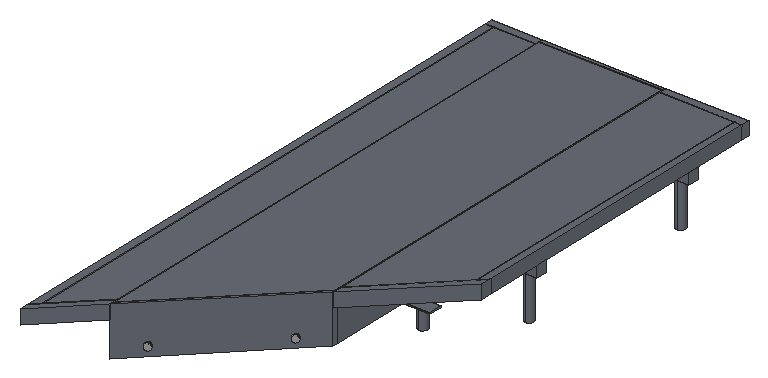
Revit family
Parameters (values of type "PL07 08 5/3")
  Width Right Side = 133 mm
  Width Left Side = 85 mm
  Width Inner Right Side = Actual Width Right - Frame Offset  # 120 mm
  Width Inner Main = Actual Width + 37 mm * 2  # 253 mm
  Width Inner Left Side = Actual Width Left - Frame Offset  # 72 mm
  Width = 179 mm
  URL = "http://www.meinertz.com/pictures_org/prodk.pdf"
  Total Width = Actual Width + Actual Width Left + Actual Width Right  # 397 mm
  Total Length = Actual Length + Total Width  # 897 mm
  Thermal Performance Index = 8
  Thermal Performance Constant = if(Thermal Performance Index = 3, 145, if(Thermal Performance Index = 4, 191, if(Thermal Performance Index = 5, 231, if(Thermal Performance Index = 6, 262, if(Thermal Performance Index = 7, 287, if(Thermal Performance Index = 8, 317, if(Thermal Performance Index = 9, 339, if(Thermal Performance Index = 10, 359, if(Thermal Performance Index = 11, 382, if(Thermal Performance Index = 12, 404, if(Thermal Performance Index = 13, 424, 444)))))))))))  # 317
  Thermal Performance = Thermal Performance Constant * Total Length / 1000 mm  # 284.349
  Tapping Radius = 9.5 mm / 2  # 4.75 mm
  Side Support Distance = (Actual Length - (2 * Frame Offset) - 200 mm) / (Count Side Support - 1)  # 274 mm
  Side Grill Length = Actual Length - (2 * Frame Offset) - 22 mm  # 452 mm
  Model = "PL07 08 5/3"
  Manufacturer = "Meinertz"  # constant formula
  Length = 500 mm
  Left Support Distance = ((Actual Length + Total Width) - 39 mm - Width Inner Left Side - 8 mm - Frame Offset - 200 mm) / (Count Left Support - 1)  # 282.5 mm
  Keynote = "PL07 08 5/3"
  Grill = RAL 7024 G
  GoGetNo = 7018  # constant formula
  Frame Offset = 13 mm  # constant formula
  Frame = RAL 7024
  Count Side Support = (Actual Length - (2 * Frame Offset) - 200 mm) / 600 mm + 1.49  # 2
  Count Left Support = (Total Length - 200 mm) / 600 mm + 1.49  # 3
  Count Grill Right Side = ((Width Right Side - Frame Offset) / 24 mm)  # 5
  Count Grill Main = ((Width - 11 mm) / 24 mm) + 1  # 8
  Count Grill Left Side = ((Width Left Side - Frame Offset) / 24 mm)  # 3
  Count Convec Support = (Actual Length - (2 * Frame Offset) - 300 mm) / 2500 mm + 1.49  # 2
  Convection Grill Length = Actual Length - (2 * Frame Offset) - 11 mm  # 463 mm
  Big = yes
  Actual Width Right = Count Grill Right Side * 24 mm + Frame Offset  # 133 mm
  Actual Width Left = Count Grill Left Side * 24 mm + Frame Offset  # 85 mm
  Actual Width = (Count Grill Main - 1) * 24 mm + 11 mm  # 179 mm
  Actual Length = if(Length < 4 * Frame Offset, 4 * Frame Offset, if(Length > 6000 mm, 6000 mm, Length))  # 500 mm
Types (8, lengths in mm): name | Width Right Side | Width Left Side | Width Inner Right Side | Width Inner Main | Width Inner Left Side | Width | Total Width | Total Length | Thermal Performance Index | Thermal Performance Constant | Thermal Performance | Model | Left Support Distance | Keynote | Count Grill Right Side | Count Grill Main | Count Grill Left Side | Actual Width Right | Actual Width Left | Actual Width
  (no name) | 133 | 85 | 120 | 253 | 72 | 179 | 397 | 897 | 8 | 317 | 284.349 | "PL07 08 5/3" | 282.5 | "PL07 08 5/3" | 5 | 8 | 3 | 133 | 85 | 179
  PL07 08 5/3 | 133 | 85 | 120 | 253 | 72 | 179 | 397 | 897 | 8 | 317 | 284.349 | "PL07 08 5/3" | 282.5 | "PL07 08 5/3" | 5 | 8 | 3 | 133 | 85 | 179
  PL07 09 5/4 | 133 | 109 | 120 | 277 | 96 | 203 | 445 | 945 | 9 | 339 | 320.355 | "PL07 09 5/4" | 294.5 | "PL07 09 5/4" | 5 | 9 | 4 | 133 | 109 | 203
  PL07 10 5/5 | 133 | 133 | 120 | 301 | 120 | 227 | 493 | 993 | 10 | 359 | 356.487 | "PL07 10 5/5" | 306.5 | "PL07 10 5/5" | 5 | 10 | 5 | 133 | 133 | 227
  PL07 11 6/5 | 157 | 133 | 144 | 325 | 120 | 251 | 541 | 1041 | 11 | 382 | 397.662 | "PL07 11 6/5" | 330.5 | "PL07 11 6/5" | 6 | 11 | 5 | 157 | 133 | 251
  PL07 12 6/6 | 157 | 157 | 144 | 349 | 144 | 275 | 589 | 1089 | 12 | 404 | 439.956 | "PL07 12 6/6" | 342.5 | "PL07 12 6/6" | 6 | 12 | 6 | 157 | 157 | 275
  PL07 13 7/6 | 181 | 157 | 168 | 373 | 144 | 299 | 637 | 1137 | 13 | 424 | 482.088 | "PL07 13 7/6" | 366.5 | "PL07 13 7/6" | 7 | 13 | 6 | 181 | 157 | 299
  PL07 14 7/7 | 181 | 181 | 168 | 397 | 168 | 323 | 685 | 1185 | 14 | 444 | 526.14 | "PL07 14 7/7" | 378.5 | "PL07 14 7/7" | 7 | 14 | 7 | 181 | 181 | 323
Reference planes
  plane 1 "Center (Front/Back)": y = 0
  plane 2: z = 0
  plane 3 "Center (Left/Right)": x = 0
  plane 4: x = -89.5
  plane 5: x = 89.5
  plane 6: y = 250
  plane 7: y = -250
  plane 8: x = 222.5
  plane 9: x = -174.5
  plane 10: x = 209.5
  plane 11: x = -161.5
  plane 12: x = 198.5
  plane 13: x = -150.5
  plane 14: y = 237
  plane 15: y = 231.5
  plane 16: y = 226
  plane 17: y = 137
  plane 18: y = 87
  plane 19: y = -237
  plane 20: y = -226
  plane 21: y = -137
  plane 22: y = -87
  plane 23: y = -647
  plane 24: y = -608
  plane 25: y = -600
  plane 26: y = -536
  plane 27: y = -528.2
  plane 28: y = -349.2
  plane 29: y = -357
  plane 30: z = -20
  plane 31: z = -70
  plane 32: y = -145.5
  plane 33: y = -428.2
  plane 34: x = -59.5
  plane 35: x = 59.5
  plane 36: z = -100
  plane 37: z = -55
  plane 38: y = -286
  plane 39: y = -186
  plane 40: y = -13
  plane 41: y = -113
  plane 42: y = -107
  plane 43: y = -13
Forms (mm)
  Extrusion 1, solid, material "RAL 7024 G" <- "Grill"
    sketch origin (0, 0, 0) x (1, 0, 0) y (0, 1, 0)
      loop
        line (-89.5, 231.5) -> (-89.5, -536) -> (89.5, -357) -> (89.5, 231.5) -> (-89.5, 231.5)
    from 0 to -70
  Extrusion 2, solid, material "RAL 7024 G" <- "Grill"
    sketch origin (0, 0, 0) x (1, 0, 0) y (0, 1, 0)
      loop
        line (89.5, 226) -> (89.5, -349.222) -> (198.5, -240.222) -> (198.5, 226) -> (89.5, 226)
      loop
        line (-89.5, 226) -> (-150.5, 226) -> (-150.5, -589.222) -> (-89.5, -528.222) -> (-89.5, 226)
    from 0 to -20
  Extrusion 3, solid, material "RAL 7024" <- "Frame"
    sketch origin (0, 0, 0) x (1, 0, 0) y (0, 1, 0)
      loop
        line (-89.5, -528.222) -> (-161.5, -600.222) -> (-161.5, -615.778) -> (-89.5, -543.778) -> (-89.5, -528.222)
      loop
        line (89.5, -364.778) -> (209.5, -244.778) -> (209.5, -229.222) -> (89.5, -349.222) -> (89.5, -364.778)
    from 0 to -20
  Extrusion 4, solid, material "RAL 7024" <- "Frame"
    sketch origin (0, 0, 0) x (1, 0, 0) y (0, 1, 0)
      loop
        line (-161.5, 226) -> (-89.5, 226) -> (-89.5, 237) -> (-161.5, 237) -> (-161.5, 226)
      loop
        line (89.5, 237) -> (89.5, 226) -> (209.5, 226) -> (209.5, 237) -> (89.5, 237)
    from 0 to -20
  Extrusion 5, solid, material "RAL 7024" <- "Frame"
    sketch origin (0, 0, 0) x (1, 0, 0) y (0, 1, 0)
      loop
        line (198.5, 226) -> (198.5, -240.222) -> (209.5, -229.222) -> (209.5, 226) -> (198.5, 226)
      loop
        line (-161.5, 226) -> (-161.5, -600.222) -> (-150.5, -589.222) -> (-150.5, 226) -> (-161.5, 226)
    from 0 to -20
  Extrusion 6, solid, material "RAL 7024" <- "Frame"
    sketch origin (0, 0, 0) x (1, 0, 0) y (0, 1, 0)
      loop
        line (-89.5, 237) -> (-89.5, 231.5) -> (89.5, 231.5) -> (89.5, 237) -> (-89.5, 237)
      loop
        line (-89.5, -536) -> (-89.5, -543.778) -> (89.5, -364.778) -> (89.5, -357) -> (-89.5, -536)
    from 0 to -70
  Extrusion 7, solid, material "Tap"
    sketch origin (-89.5, -543.778, 0) x (0.707107, 0.707107, 0) y (0, 0, 1)
      loop
        circle (42.355, -55) r 4.8
      loop
        circle (210.702, -55) r 4.8
    from 0 to 5
  Extrusion 8, solid, material "Tap"
    sketch origin (0, 0, 0) x (1, 0, 0) y (0, 0, 1)
      loop
        circle (59.5, -55) r 4.8
      loop
        circle (-59.5, -55) r 4.8
    from -237 to -242
  Extrusion 9, solid, material "Tap"
    sketch origin (0, 0, 0) x (0, 1, 0) y (0, 0, 1)
      loop
        circle (-286, -55) r 4.8
      loop
        circle (-186, -55) r 4.8
    from -89.5 to -94.5
  Extrusion 10, solid, material "Tap"
    sketch origin (0, 0, 0) x (0, 1, 0) y (0, 0, 1)
      loop
        circle (-13, -55) r 4.8
      loop
        circle (-113, -55) r 4.8
    from -89.5 to -94.5
  Extrusion 11, solid, material "Tap"
    sketch origin (0, 0, 0) x (0, 1, 0) y (0, 0, 1)
      loop
        circle (-107, -55) r 4.8
      loop
        circle (-13, -55) r 4.8
    from 89.5 to 94.5
Lines and regions (mm)
  Masking region 1
    outline origin (0, 0, 0) x (1, 0, 0) y (0, 1, 0)
      loop
        line (89.5, 226) -> (89.5, -349.222) -> (198.5, -240.222) -> (198.5, 226) -> (89.5, 226)
  Masking region 2
    outline origin (0, 0, 0) x (1, 0, 0) y (0, 1, 0)
      loop
        line (-150.5, 226) -> (-150.5, -589.222) -> (-89.5, -528.222) -> (-89.5, 226) -> (-150.5, 226)
  Masking region 3
    outline origin (0, 0, 0) x (1, 0, 0) y (0, 1, 0)
      loop
        line (-89.5, 231.5) -> (-89.5, -536) -> (89.5, -357) -> (89.5, 231.5) -> (-89.5, 231.5)
  reference lines
    curve 1: line (-225.14, -679.418, 0) -> (276.906, -177.372, 0)
    curve 2: line (-229.029, -675.529, 0) -> (273.017, -173.483, 0)
    curve 3: line (-232.918, -671.64, 0) -> (269.128, -169.594, 0)
    curve 4: line (-212.058, -692.499, 0) -> (289.988, -190.453, 0)
Dimensions and locks
  equal spacing: plane 4, plane 3 "Center (Left/Right)", plane 5
  equal spacing: plane 7, plane 1 "Center (Front/Back)", plane 6
  "Actual Width": plane 4 to plane 5
  "Actual Length": plane 7 to plane 6
  "Actual Width Right": plane 5 to plane 8
  "Actual Width Left": plane 9 to plane 4
  "Frame Offset": plane 10 to plane 8
  "Frame Offset": plane 9 to plane 11
  locked: plane 12 to plane 10 at 11
  locked: plane 11 to plane 13 at 11
  "Frame Offset": plane 14 to plane 6
  locked: plane 15 to plane 14 at 5.5
  locked: plane 16 to plane 15 at 5.5
  locked: plane 17 to plane 14 at 100
  locked: plane 18 to plane 17 at 50
  "Frame Offset": plane 7 to plane 19
  locked: plane 19 to plane 20 at 11
  locked: plane 19 to plane 21 at 100
  locked: plane 21 to plane 22 at 50
  "Total Width": plane 23 to plane 7
  locked: plane 23 to plane 24 at 39
  locked: plane 23 to plane 25 at 47
  "Width Inner Left Side": plane 24 to plane 26
  locked: plane 26 to plane 27 at 7.8
  "Actual Width": plane 27 to plane 28
  locked: plane 29 to plane 28 at 7.8
  locked: plane 21 to plane 32 at 8.5
  locked: plane 27 to plane 33 at 100
  equal spacing: group 1, group 2, group 3  (x2)
  equal spacing: group 3, group 2, group 1
  "Left Support Distance": nested 2 to nested 3
  group 4 to group 5 = 0 mm  (x2)
  group 5 to group 4 = 313 mm
  group 6 to group 7 = 0 mm  (x2)
  group 6 to group 7 = 274 mm
  "Side Support Distance": nested 7 to nested 1
  plane 34 to plane 4 = 30 mm
  plane 35 to plane 5 = 30 mm
  locked: plane 36 to level at 100
  locked: plane 36 to plane 37 at 45
  locked: plane 38 to plane 26 at 250
  locked: plane 39 to plane 38 at 100
  plane 14 to plane 40 = 250 mm
  plane 40 to plane 41 = 100 mm
  plane 29 to plane 42 = 250 mm
  plane 43 to plane 14 = 250 mm
  locked: Extrusion 8 to plane 14 at 5
  locked: Extrusion 10 to plane 4 at 5
  locked: plane 5 to Extrusion 11 at 5
  locked: Extrusion 9 to plane 4 at 5
  aligned and locked: level to plane 2
  aligned and locked: plane 15 to Extrusion 1 sketch curve
  aligned and locked: Extrusion 1 sketch curve to plane 5
  aligned and locked: plane 4 to Extrusion 1 sketch curve
  aligned and locked: Extrusion 1 sketch curve to curve 2
  aligned and locked: Extrusion 2 sketch curve to plane 16
  aligned and locked: plane 16 to Extrusion 2 sketch curve
  aligned and locked: Extrusion 2 sketch curve to plane 13
  aligned and locked: plane 4 to Extrusion 2 sketch curve
  aligned and locked: plane 5 to Extrusion 2 sketch curve
  aligned and locked: Extrusion 2 sketch curve to plane 12
  aligned and locked: Extrusion 2 sketch curve to curve 3
  aligned and locked: curve 3 to Extrusion 2 sketch curve
  aligned and locked: Extrusion 3 sketch curve to curve 1  (x2)
  aligned and locked: Extrusion 3 sketch curve to plane 10
  aligned and locked: curve 3 to Extrusion 3 sketch curve  (x2)
  aligned and locked: plane 5 to Extrusion 3 sketch curve
  aligned and locked: plane 11 to Extrusion 3 sketch curve
  aligned and locked: Extrusion 3 sketch curve to plane 4
  aligned and locked: Extrusion 4 sketch curve to plane 14  (x2)
  aligned and locked: Extrusion 4 sketch curve to plane 5
  aligned and locked: plane 10 to Extrusion 4 sketch curve
  aligned and locked: plane 16 to Extrusion 4 sketch curve  (x2)
  aligned and locked: Extrusion 4 sketch curve to plane 11
  aligned and locked: plane 4 to Extrusion 4 sketch curve
  aligned and locked: plane 16 to Extrusion 5 sketch curve  (x2)
  aligned and locked: plane 11 to Extrusion 5 sketch curve
  aligned and locked: Extrusion 5 sketch curve to plane 13
  aligned and locked: Extrusion 5 sketch curve to plane 10
  aligned and locked: plane 12 to Extrusion 5 sketch curve
  aligned and locked: Extrusion 5 sketch curve to curve 3  (x2)
  aligned and locked: nested 1 to plane 10
  aligned and locked: nested 1 to plane 30
  aligned and locked: nested 1 to plane 21
  aligned and locked: nested 2 to plane 17
  aligned and locked: nested 2 to plane 11
  aligned and locked: nested 2 to plane 30
  aligned and locked: nested 3 to plane 11
  aligned and locked: nested 3 to plane 30
  aligned and locked: nested 5 to plane 18
  aligned and locked: plane 3 "Center (Left/Right)" to nested 5
  aligned and locked: nested 5 to plane 31
  aligned and locked: nested 6 to plane 20
  aligned and locked: plane 3 "Center (Left/Right)" to nested 6
  aligned and locked: nested 6 to plane 31
  aligned and locked: nested 7 to plane 10
  aligned and locked: nested 7 to plane 30
  aligned and locked: Extrusion 8 to plane 14
  aligned and locked: Extrusion 9 to plane 4
  aligned and locked: Extrusion 10 to plane 4
  aligned and locked: plane 5 to Extrusion 11
  aligned and locked: plane 5 to Masking region 1 sketch curve
  aligned and locked: plane 16 to Masking region 1 sketch curve
  aligned and locked: Masking region 1 sketch curve to plane 12
  aligned and locked: Masking region 1 sketch curve to curve 3
  aligned and locked: plane 13 to Masking region 2 sketch curve
  aligned and locked: plane 16 to Masking region 2 sketch curve
  aligned and locked: Masking region 2 sketch curve to plane 4
  aligned and locked: Masking region 2 sketch curve to curve 3
  aligned and locked: plane 15 to Masking region 3 sketch curve
  aligned and locked: plane 4 to Masking region 3 sketch curve
  aligned and locked: Masking region 3 sketch curve to plane 5
  aligned and locked: Masking region 3 sketch curve to curve 2
  aligned and locked: nested 8 to plane 16
  aligned and locked: curve 1 to Extrusion 6 sketch curve
  aligned and locked: Extrusion 6 sketch curve to curve 2
  aligned and locked: plane 5 to Extrusion 6 sketch curve
  aligned and locked: Extrusion 6 sketch curve to plane 4
  aligned and locked: nested 8 to plane 28
  aligned and locked: plane 5 to nested 8
  aligned and locked: nested 9 to plane 16
  aligned and locked: nested 9 to plane 25
  aligned and locked: plane 4 to nested 9
  aligned and locked: nested 10 to plane 15
  aligned and locked: nested 10 to plane 26
  aligned and locked: plane 3 "Center (Left/Right)" to nested 10
Automatic sketch dimensions
  plane 23 to curve 3 = 24.64 mm
  curve 3 to plane 9 = 58.418 mm
  plane 23 to curve 2 = 28.529 mm
  curve 3 to curve 2 = 3.889 mm  (x2)
  plane 23 to curve 1 = 32.418 mm
  curve 2 to curve 1 = 3.889 mm  (x2)
  curve 1 to curve 4 = 13.081 mm  (x2)
  plane 8 to curve 3 = 46.628 mm
  curve 4 to curve 1 = 13.081 mm  (x2)
  curve 4 to plane 20 = 35.547 mm
  curve 1 to curve 2 = 3.889 mm
  curve 2 to curve 3 = 3.889 mm
  Extrusion 6 sketch curve to plane 4 = 0 mm
  Extrusion 6 sketch curve to plane 5 = 0 mm
  plane 15 to Extrusion 6 sketch curve = 0 mm
  plane 14 to Extrusion 6 sketch curve = 0 mm
  Extrusion 6 to Extrusion 7 sketch curve = 15 mm  (x2)
  Extrusion 7 sketch curve to Extrusion 6 = 42.355 mm
  Extrusion 7 sketch curve to Extrusion 6 = 42.442 mm
  plane 34 to Extrusion 8 sketch curve = 0 mm
  plane 35 to Extrusion 8 sketch curve = 0 mm
  Extrusion 8 sketch curve to plane 37 = 0 mm  (x2)
  plane 37 to Extrusion 9 sketch curve = 0 mm  (x2)
  Extrusion 9 sketch curve to plane 38 = 0 mm
  Extrusion 9 sketch curve to plane 39 = 0 mm
  plane 37 to Extrusion 10 sketch curve = 0 mm  (x2)
  Extrusion 10 sketch curve to plane 41 = 0 mm
  Extrusion 10 sketch curve to plane 40 = 0 mm
  plane 37 to Extrusion 11 sketch curve = 0 mm  (x2)
  Extrusion 11 sketch curve to plane 42 = 0 mm
  Extrusion 11 sketch curve to plane 40 = 0 mm
  radius of Extrusion 7 sketch curve = 4.8 mm  (x2)
  radius of Extrusion 8 sketch curve = 4.8 mm  (x2)
  radius of Extrusion 9 sketch curve = 4.8 mm  (x2)
  radius of Extrusion 10 sketch curve = 4.8 mm  (x2)
  radius of Extrusion 11 sketch curve = 4.8 mm  (x2)
Nested families
  nested 1: "Support" at (135.579, -130.531, -36) x (0, 1, 0) z (0, 0, 1), type "Side Support"
  nested 2: "Support" at (-139.421, 143.469, -36) x (0, 1, 0) z (0, 0, 1), type "Side Left Support"
  nested 3: "Support" at (-139.421, -139.031, -36) x (0, 1, 0) z (0, 0, 1), type "Side Left Support"
  nested 4: "Support" at (-139.421, -421.531, -36) x (0, 1, 0) z (0, 0, 1), type "Side Left Support"
  nested 5: "Support" at (-13.921, 93.469, -72) x (0, 1, 0) z (0, 0, 1), type "Convec Support"
    with Length 253 mm
  nested 6: "Support" at (-13.921, -219.531, -72) x (0, 1, 0) z (0, 0, 1), type "Convec Support"
    with Length 253 mm
  nested 7: "Support" at (135.579, 143.469, -36) x (0, 1, 0) z (0, 0, 1), type "Side Support"
  nested 8: "Grill 45" at (2.299, -229.2, 0), type "Right"
    with Start 11 mm, Second 13 mm, Length 575.2 mm, Big no, Width 120 mm
  nested 9: "Grill 45" at (-272.701, -528, 0), type "Left"
    with Start 11 mm, Second 13 mm, Length 826 mm, Big no
  nested 10: "Grill 45" at (-147.201, -357, 0), type "Main"
    with Start 11 mm, Second 13 mm, Length 767.5 mm, Big no, Width 179 mm
Connectors
  piping at (94.5, -107, -55), driven by "Tapping Radius"
    settings: on Extrusion 11, index 3, connector radius 0.18701", flow factor 0, pipe flow 0.0 L/s, pressure drop 0.00 Pa, fitting loss kfactor 0, connector angle 0.00°, fixture units 0, flow configuration 1, flow direction 1, fitting loss method 0, system type 22, connector reference index -1, connector utility 0, adjustable connector no, is connector primary yes, fitting loss table "", connector description ""
  piping at (94.5, -107, -55), driven by "Tapping Radius"
    settings: on Extrusion 11, index 4, connector radius 0.18701", flow factor 0, pipe flow 0.0 L/s, pressure drop 0.00 Pa, fitting loss kfactor 0, connector angle 0.00°, fixture units 0, flow configuration 1, flow direction 1, fitting loss method 0, system type 22, connector reference index -1, connector utility 0, adjustable connector no, is connector primary no, fitting loss table "", connector description ""
  piping at (59.5, 242, -55), driven by "Tapping Radius"
    settings: on Extrusion 8, index 5, connector radius 0.18701", flow factor 0, pipe flow 0.0 L/s, pressure drop 0.00 Pa, fitting loss kfactor 0, connector angle 0.00°, fixture units 0, flow configuration 1, flow direction 1, fitting loss method 0, system type 22, connector reference index -1, connector utility 0, adjustable connector no, is connector primary no, fitting loss table "", connector description ""
  piping at (59.5, 242, -55), driven by "Tapping Radius"
    settings: on Extrusion 8, index 6, connector radius 0.18701", flow factor 0, pipe flow 0.0 L/s, pressure drop 0.00 Pa, fitting loss kfactor 0, connector angle 0.00°, fixture units 0, flow configuration 1, flow direction 1, fitting loss method 0, system type 22, connector reference index -1, connector utility 0, adjustable connector no, is connector primary no, fitting loss table "", connector description ""
  piping at (-94.5, -13, -55), driven by "Tapping Radius"
    settings: on Extrusion 10, index 7, connector radius 0.18701", flow factor 0, pipe flow 0.0 L/s, pressure drop 0.00 Pa, fitting loss kfactor 0, connector angle 0.00°, fixture units 0, flow configuration 1, flow direction 1, fitting loss method 0, system type 22, connector reference index -1, connector utility 0, adjustable connector no, is connector primary no, fitting loss table "", connector description ""
  piping at (-94.5, -13, -55), driven by "Tapping Radius"
    settings: on Extrusion 10, index 8, connector radius 0.18701", flow factor 0, pipe flow 0.0 L/s, pressure drop 0.00 Pa, fitting loss kfactor 0, connector angle 0.00°, fixture units 0, flow configuration 1, flow direction 1, fitting loss method 0, system type 22, connector reference index -1, connector utility 0, adjustable connector no, is connector primary no, fitting loss table "", connector description ""
  piping at (-94.5, -286, -55), driven by "Tapping Radius"
    settings: on Extrusion 9, index 9, connector radius 0.18701", flow factor 0, pipe flow 0.0 L/s, pressure drop 0.00 Pa, fitting loss kfactor 0, connector angle 0.00°, fixture units 0, flow configuration 1, flow direction 1, fitting loss method 0, system type 22, connector reference index -1, connector utility 0, adjustable connector no, is connector primary no, fitting loss table "", connector description ""
  piping at (-94.5, -286, -55), driven by "Tapping Radius"
    settings: on Extrusion 9, index 10, connector radius 0.18701", flow factor 0, pipe flow 0.0 L/s, pressure drop 0.00 Pa, fitting loss kfactor 0, connector angle 0.00°, fixture units 0, flow configuration 1, flow direction 2, fitting loss method 0, system type 22, connector reference index -1, connector utility 0, adjustable connector no, is connector primary no, fitting loss table "", connector description ""
  piping at (-56.015, -517.364, -55), driven by "Tapping Radius"
    settings: on Extrusion 7, index 11, connector radius 0.18701", flow factor 0, pipe flow 0.0 L/s, pressure drop 0.00 Pa, fitting loss kfactor 0, connector angle 0.00°, fixture units 0, flow configuration 1, flow direction 1, fitting loss method 0, system type 22, connector reference index -1, connector utility 0, adjustable connector no, is connector primary no, fitting loss table "", connector description ""
  piping at (63.025, -398.325, -55), driven by "Tapping Radius"
    settings: on Extrusion 7, index 12, connector radius 0.18701", flow factor 0, pipe flow 0.0 L/s, pressure drop 0.00 Pa, fitting loss kfactor 0, connector angle 0.00°, fixture units 0, flow configuration 1, flow direction 2, fitting loss method 0, system type 22, connector reference index -1, connector utility 0, adjustable connector no, is connector primary no, fitting loss table "", connector description ""
  piping at (94.5, -107, -55), driven by "Tapping Radius"
    settings: on Extrusion 11, index 13, connector radius 0.18701", flow factor 0, pipe flow 0.0 L/s, pressure drop 0.00 Pa, fitting loss kfactor 0, connector angle 0.00°, fixture units 0, flow configuration 1, flow direction 2, fitting loss method 0, system type 22, connector reference index -1, connector utility 0, adjustable connector no, is connector primary no, fitting loss table "", connector description ""
  piping at (-94.5, -286, -55), driven by "Tapping Radius"
    settings: on Extrusion 9, index 14, connector radius 0.18701", flow factor 0, pipe flow 0.0 L/s, pressure drop 0.00 Pa, fitting loss kfactor 0, connector angle 0.00°, fixture units 0, flow configuration 1, flow direction 1, fitting loss method 0, system type 22, connector reference index -1, connector utility 0, adjustable connector no, is connector primary no, fitting loss table "", connector description ""
  piping at (-94.5, -13, -55), driven by "Tapping Radius"
    settings: on Extrusion 10, index 15, connector radius 0.18701", flow factor 0, pipe flow 0.0 L/s, pressure drop 0.00 Pa, fitting loss kfactor 0, connector angle 0.00°, fixture units 0, flow configuration 1, flow direction 2, fitting loss method 0, system type 22, connector reference index -1, connector utility 0, adjustable connector no, is connector primary no, fitting loss table "", connector description ""
  piping at (59.5, 242, -55), driven by "Tapping Radius"
    settings: on Extrusion 8, index 16, connector radius 0.18701", flow factor 0, pipe flow 0.0 L/s, pressure drop 0.00 Pa, fitting loss kfactor 0, connector angle 0.00°, fixture units 0, flow configuration 1, flow direction 2, fitting loss method 0, system type 22, connector reference index -1, connector utility 0, adjustable connector no, is connector primary no, fitting loss table "", connector description ""
Definition of nested family "Support"
  Parameters (values of type "Side Support")
    offset top = 17.5 mm
    Width = 16 mm
    Side 2 = yes
    Side 1 = no
    Length = 120 mm
    Height = 16 mm
    Frame = RAL 7024
    Footing rad = 6.5 mm
    Footing Height = 64 mm
    Assembly Code = ""
  Types (4, lengths in mm): name | Width | Side 2 | Side 1 | Length | Height | Footing Height
    Side Support | 16 | yes | no | 120 | 16 | 64
    Convec Support | 20 | yes | yes | 120 | 2 | 28
    Side Right Support | 16 | yes | no | 120 | 16 | 64
    Side Left Support | 16 | no | yes | 72 | 16 | 64
  Reference planes
    plane 1 "Center (Front/Back)": y = -13.921
    plane 2: z = 0
    plane 3 "Center (Left/Right)": x = -6.469
    plane 4: z = 16
    plane 5: x = 1.531
    plane 6: x = -14.469
    plane 7: y = 46.079
    plane 8: y = -73.921
    plane 9: y = 28.579
    plane 10: y = -56.421
    plane 11: z = -64
  Forms (mm)
    Extrusion 1, solid, material "RAL 7024" <- "Frame"
      sketch origin (0, -13.921, 0) x (1, 0, 0) y (0, 0, 1)
        loop
          line (-14.469, 16) -> (-14.469, 0) -> (1.531, 0) -> (1.531, 16) -> (-14.469, 16)
      from -60 to 60
    Extrusion 2, solid, material "RAL 7024" <- "Frame", visible <- "Side 1"
      sketch origin (0, 0, 0) x (1, 0, 0) y (0, 1, 0)
        loop
          circle (-6.469, 28.579) r 6.5
      from -64 to 0
    Extrusion 3, solid, material "RAL 7024" <- "Frame", visible <- "Side 2"
      sketch origin (0, 0, 0) x (1, 0, 0) y (0, 1, 0)
        loop
          circle (-6.469, -56.421) r 6.5
      from -64 to 0
  Dimensions and locks
    equal spacing: plane 6, plane 3 "Center (Left/Right)", plane 5
    equal spacing: plane 7, plane 1 "Center (Front/Back)", plane 8
    "Length": plane 7 to plane 8
    "Width": plane 6 to plane 5
    "Height": plane 4 to plane 2
    "offset top": plane 7 to plane 9
    "offset top": plane 10 to plane 8
    "Footing Height": plane 2 to plane 11
    "Footing rad": Extrusion 2 sketch curve to plane 3 "Center (Left/Right)"
    "Footing rad": plane 9 to Extrusion 2 sketch curve
    locked: plane 10 to Extrusion 3 sketch curve at 6.5
    locked: plane 3 "Center (Left/Right)" to Extrusion 3 sketch curve at 6.5
    "Footing rad": radius of Extrusion 2 sketch curve
    "Footing rad": radius of Extrusion 3 sketch curve
    aligned and locked: plane 6 to Extrusion 1 sketch curve
    aligned and locked: Extrusion 1 sketch curve to plane 4
    aligned and locked: level to Extrusion 1 sketch curve
    aligned and locked: Extrusion 1 sketch curve to plane 5
    aligned and locked: plane 7 to Extrusion 1
    aligned and locked: Extrusion 1 to plane 8
    aligned and locked: Extrusion 2 to plane 11
    aligned and locked: plane 2 to Extrusion 2
    aligned and locked: Extrusion 3 to plane 11
    aligned and locked: level to Extrusion 3
Definition of nested family "Grill 45"
  Parameters (values of type "Right")
    Width = 150 mm
    Start [instance] = if(Big, 13 mm, 11 mm)  # 11 mm
    Second [instance] = if(Big, 11 mm, 13 mm)  # 13 mm
    Length [instance] = 500 mm
    Big [instance] = no
    Assembly Code = ""
  Types (5, lengths in mm): name | Width | Length
    Right | 150 | 500
    Main | 83 | 500
    Left | 72 | 500
    Side | 120 | 900
    Grill 45 | 500 | 900
  Reference planes
    plane 1 "Center (Front/Back)": y = 0
    plane 2: z = 0
    plane 3 "Center (Left/Right)": x = 147.201
    plane 4: x = 222.201
    plane 5: x = 72.201
    plane 6: y = -150
    plane 7: y = 350
  Lines and regions (mm)
    Filled region 1, type "Base", in view "Ref. Level"
      outline origin (0, 0, 0) x (1, 0, 0) y (0, 1, 0)
        loop
          line (72.201, 350) -> (72.201, -150) -> (222.201, 0) -> (222.201, 350) -> (72.201, 350)
    Filled region 2, type "Top", in view "Ref. Level"
      outline origin (98.995, 98.995, 0) x (1, 0, 0) y (0, 1, 0)
        loop
          line (-26.794, 251.005) -> (-26.794, -248.995) -> (123.206, -98.995) -> (123.206, 251.005) -> (-26.794, 251.005)
  Dimensions and locks
    equal spacing: plane 5, plane 3 "Center (Left/Right)", plane 4
    "Width": plane 6 to plane 1 "Center (Front/Back)"
    "Width": plane 5 to plane 4
    "Length": plane 7 to plane 6
    "Start": plane 5 to Filled region 2
    "Second": Filled region 2 to Filled region 1
    aligned and locked: Filled region 1 to Filled region 2
    aligned and locked: Filled region 2 to plane 5
    aligned and locked: plane 7 to Filled region 2
    aligned and locked: plane 4 to Filled region 2
    aligned and locked: plane 5 to Filled region 1
  Automatic sketch dimensions
    Filled region 1 sketch curve to plane 5 = 0 mm
    Filled region 1 sketch curve to plane 1 "Center (Front/Back)" = 0 mm
    Filled region 1 sketch curve to plane 4 = 0 mm
    Filled region 1 sketch curve to plane 6 = 0 mm
    Filled region 1 sketch curve to plane 7 = 0 mm
    plane 5 to Filled region 2 sketch curve = 0 mm
    plane 4 to Filled region 2 sketch curve = 0 mm
    plane 6 to Filled region 2 sketch curve = 0 mm
    Filled region 2 sketch curve to plane 1 "Center (Front/Back)" = 0 mm
    plane 7 to Filled region 2 sketch curve = 0 mm
